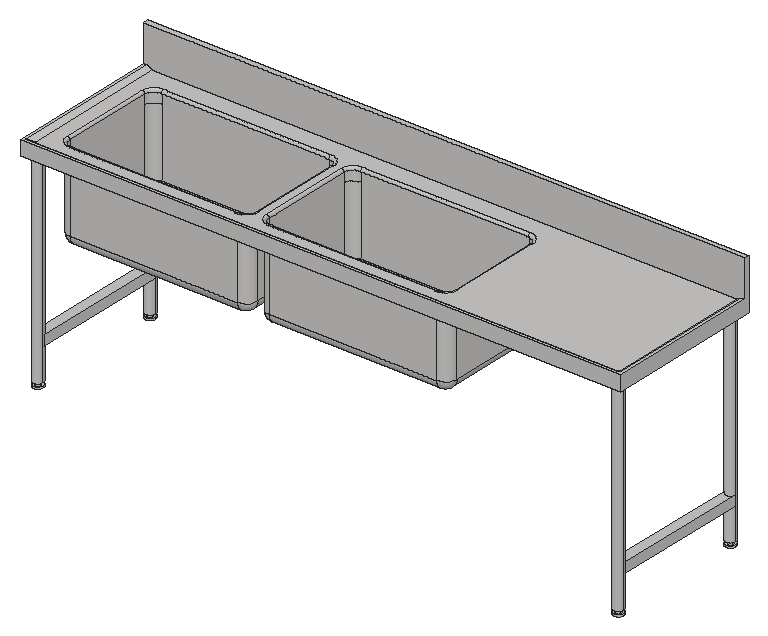
Revit family
Parameters (values of type "2440 X 650 Bowls Left End")
  Depth of Bowl = 380 mm
  Width of Bowl = 460 mm
  Length of Bowl = 760 mm
  Distance of Bowl = 100 mm
  Waste Connection Radius = Waste Connection Diameter / 2  # 20 mm
  Waste Connection Diameter = 40 mm
  WFU = 0
  URL = "http://www.autospec.co.za/browse.php?id=1644179283"
  Product Code = "None"
  OmniClass Title = ""
  OmniClass Number = ""
  Modspec Classification = ""
  Specification = ""
  Location (revit room) = ""
  Material = Stainless Steel Grade 304
  Colour = none
  Bowl Posiition [instance] = if(Bowl Position End, Distance of Bowl, if(Bowl Position Center, (Length / 2 - Length of Bowl - 25 mm), Distance of Bowl))  # 100 mm
  Description = ""
  Bowl Position End = yes
  Bowl Position Center = not(Bowl Position End)  # no
  Body Finish = none
  Splashback Height = 150 mm
  Width = 650 mm
  Model = "Pot Sink Double Bowl Left End Series KP2-2440 X 650"
  Manufacturer = "Kwikot"  # constant formula
  Length = 2440 mm
  Height = 1050 mm
  Assembly Code = "E1090300"
Types (4, lengths in mm): name | Bowl Posiition | Bowl Position End | Bowl Position Center | Model | Length
  (no name) | 100 | yes | no | "Pot Sink Double Bowl Left End Series KP2-2440 X 650" | 2440
  1850 X 650 Bowl Center | 140 | no | yes | "Pot Sink Double Bowl Series KP2-1850 X 650" | 1850
  2440 X 650 Bowl Center | 435 | no | yes | "Pot Sink Double Bowl Series KP2-2440 X 650" | 2440
  2440 X 650 Bowls Left End | 100 | yes | no | "Pot Sink Double Bowl Left End Series KP2-2440 X 650" | 2440
Reference planes
  plane 1 "Center (Front/Back)": y = 0
  plane 2 "Bottom": z = 0
  plane 3 "Center (Left/Right)": x = 0
  plane 4 "Left": x = -1220
  plane 5 "Right": x = 1220
  plane 6 "Front": y = -650
  plane 7 "Top": z = 1050
  plane 8: z = 900
  plane 9: z = 840
  plane 10: z = 520
  plane 11: y = -335
  plane 12: x = -190
  plane 13: x = -480
  plane 14: x = -310
  plane 15: x = -360
  plane 16: x = 450
  plane 17: x = -1120
  plane 18: y = -565
  plane 19: y = -105
Forms (mm)
  Extrusion 1, solid, material "Stainless Steel Grade 304" <- "Material"
    sketch origin (-1220, -491, 4000) x (0, -1, 0) y (0, 0, 1)
      loop
        line (-491, -3160) -> (159, -3160) -> (159, -3100) -> (-471, -3100) -> (-471, -2950) -> (-491, -2950) -> (-491, -3160)
    from 0 to -2440
  Blend 2, void
    base sketch origin (-779.234, -1524, 900) x (0, -1, 0) y (1, 0, 0)
      loop
        arc (-891, -428.766) -> (-887.464, -427.302) -> (-886, -423.766) r 5
        line (-886, -423.766) -> (-886, 1982.234)
        arc (-886, 1982.234) -> (-887.464, 1985.769) -> (-891, 1987.234) r 5
        line (-891, 1987.234) -> (-1504, 1987.234) -> (-1504, -428.766) -> (-891, -428.766)
    top sketch origin (-779.234, -1524, 900) x (0, -1, 0) y (1, 0, 0)
      loop
        line (-1504, -408.766) -> (-911, -408.766)
        arc (-911, -408.766) -> (-907.464, -407.302) -> (-906, -403.766) r 5
        line (-906, -403.766) -> (-906, 1962.234)
        arc (-906, 1962.234) -> (-907.464, 1965.769) -> (-911, 1967.234) r 5
        line (-911, 1967.234) -> (-1504, 1967.234) -> (-1504, -408.766)
    from 0 to -12
  Extrusion 3, void
    sketch origin (-779.234, -1524, 840) x (0, -1, 0) y (-1, 0, 0)
      loop
        line (-1419, -509.234) -> (-1419, -1189.234)
        arc (-1419, -1189.234) -> (-1407.284, -1217.518) -> (-1379, -1229.234) r 40
        line (-1379, -1229.234) -> (-999, -1229.234)
        arc (-999, -1229.234) -> (-970.716, -1217.518) -> (-959, -1189.234) r 40
        line (-959, -1189.234) -> (-959, -509.234)
        arc (-959, -509.234) -> (-970.716, -480.949) -> (-999, -469.234) r 40
        line (-999, -469.234) -> (-1379, -469.234)
        arc (-1379, -469.234) -> (-1407.284, -480.949) -> (-1419, -509.234) r 40
      loop
        arc (-1419, -379.234) -> (-1407.284, -407.518) -> (-1379, -419.234) r 40
        line (-1379, -419.234) -> (-999, -419.234)
        arc (-999, -419.234) -> (-970.716, -407.518) -> (-959, -379.234) r 40
        line (-959, -379.234) -> (-959, 300.766)
        arc (-959, 300.766) -> (-970.716, 329.051) -> (-999, 340.766) r 40
        line (-999, 340.766) -> (-1379, 340.766)
        arc (-1379, 340.766) -> (-1407.284, 329.051) -> (-1419, 300.766) r 40
        line (-1419, 300.766) -> (-1419, -379.234)
    from 0 to -60
  Sweep 4, solid, material "Stainless Steel Grade 304" <- "Material"
    path origin (-779.234, -1524, 900) x (-1, 0, 0) y (0, -1, 0)
      loop
        line (-469.234, -1379) -> (-469.234, -999)
        arc (-469.234, -999) -> (-480.949, -970.716) -> (-509.234, -959) r 40
        line (-509.234, -959) -> (-1189.234, -959)
        arc (-1189.234, -959) -> (-1217.518, -970.716) -> (-1229.234, -999) r 40
        line (-1229.234, -999) -> (-1229.234, -1379)
        arc (-1229.234, -1379) -> (-1217.518, -1407.284) -> (-1189.234, -1419) r 40
        line (-1189.234, -1419) -> (-509.234, -1419)
        arc (-509.234, -1419) -> (-480.949, -1407.284) -> (-469.234, -1379) r 40
    profile origin (-310, -335, 900) x (1, 0, 0) y (0, 0, 1)
      loop
        line (0, -12) -> (-5, -12) -> (-5, -340)
        arc (-5, -340) -> (6.716, -368.284) -> (35, -380) r 40
        line (35, -380) -> (35, -375)
        arc (35, -375) -> (10.251, -364.749) -> (0, -340) r 35
        line (0, -340) -> (0, -12)
  Sweep 5, solid, material "Stainless Steel Grade 304" <- "Material"
    path origin (-779.234, -1524, 900) x (-1, 0, 0) y (0, -1, 0)
      loop
        line (340.766, -1379) -> (340.766, -999)
        arc (340.766, -999) -> (329.051, -970.716) -> (300.766, -959) r 40
        line (300.766, -959) -> (-379.234, -959)
        arc (-379.234, -959) -> (-407.518, -970.716) -> (-419.234, -999) r 40
        line (-419.234, -999) -> (-419.234, -1379)
        arc (-419.234, -1379) -> (-407.518, -1407.284) -> (-379.234, -1419) r 40
        line (-379.234, -1419) -> (300.766, -1419)
        arc (300.766, -1419) -> (329.051, -1407.284) -> (340.766, -1379) r 40
    profile origin (-1120, -335, 900) x (1, 0, 0) y (0, 0, 1)
      loop
        line (0, -12) -> (-5, -12) -> (-5, -340)
        arc (-5, -340) -> (6.716, -368.284) -> (35, -380) r 40
        line (35, -380) -> (35, -375)
        arc (35, -375) -> (10.251, -364.749) -> (0, -340) r 35
        line (0, -340) -> (0, -12)
  Extrusion 6, solid, material "Stainless Steel Grade 304" <- "Material"
    sketch origin (-779.234, -1524, 520) x (-1, 0, 0) y (0, -1, 0)
      loop
        arc (305.766, -999) -> (304.302, -995.464) -> (300.766, -994) r 5
        line (300.766, -994) -> (-379.234, -994)
        arc (-379.234, -994) -> (-382.769, -995.464) -> (-384.234, -999) r 5
        line (-384.234, -999) -> (-384.234, -1379)
        arc (-384.234, -1379) -> (-382.769, -1382.536) -> (-379.234, -1384) r 5
        line (-379.234, -1384) -> (300.766, -1384)
        arc (300.766, -1384) -> (304.302, -1382.536) -> (305.766, -1379) r 5
        line (305.766, -1379) -> (305.766, -999)
      loop
        circle (-299.234, -1189) r 26
    from 0 to 5
  Extrusion 7, solid, material "Stainless Steel Grade 304" <- "Material"
    sketch origin (-779.234, -1524, 520) x (-1, 0, 0) y (0, -1, 0)
      loop
        arc (-504.234, -999) -> (-505.698, -995.464) -> (-509.234, -994) r 5
        line (-509.234, -994) -> (-1189.234, -994)
        arc (-1189.234, -994) -> (-1192.769, -995.464) -> (-1194.234, -999) r 5
        line (-1194.234, -999) -> (-1194.234, -1379)
        arc (-1194.234, -1379) -> (-1192.769, -1382.536) -> (-1189.234, -1384) r 5
        line (-1189.234, -1384) -> (-509.234, -1384)
        arc (-509.234, -1384) -> (-505.698, -1382.536) -> (-504.234, -1379) r 5
        line (-504.234, -1379) -> (-504.234, -999)
      loop
        circle (-589.234, -1189) r 26
    from 0 to 5
  Blend 8, solid, material "Stainless Steel Grade 304"
    base sketch origin (-779.234, -1524, 520) x (-1, 0, 0) y (0, -1, 0)
      loop
        circle (-299.234, -1189) r 26
    top sketch origin (-779.234, -1524, 520) x (-1, 0, 0) y (0, -1, 0)
      loop
        circle (-299.234, -1189) r 20
    from 0 to -5
  Blend 9, solid, material "Stainless Steel Grade 304"
    base sketch origin (-779.234, -1524, 520) x (-1, 0, 0) y (0, -1, 0)
      loop
        circle (-589.234, -1189) r 26
    top sketch origin (-779.234, -1524, 520) x (-1, 0, 0) y (0, -1, 0)
      loop
        circle (-589.234, -1189) r 20
    from 0 to -5
  Sweep 10, void
    path origin (-779.234, -1524, 900) x (-1, 0, 0) y (0, -1, 0)
      loop
        line (340.766, -1379) -> (340.766, -999)
        arc (340.766, -999) -> (329.051, -970.716) -> (300.766, -959) r 40
        line (300.766, -959) -> (-379.234, -959)
        arc (-379.234, -959) -> (-407.518, -970.716) -> (-419.234, -999) r 40
        line (-419.234, -999) -> (-419.234, -1379)
        arc (-419.234, -1379) -> (-407.518, -1407.284) -> (-379.234, -1419) r 40
        line (-379.234, -1419) -> (300.766, -1419)
        arc (300.766, -1419) -> (329.051, -1407.284) -> (340.766, -1379) r 40
    profile origin (-1120, -335, 900) x (1, 0, 0) y (0, 0, 1)
      loop
        line (0, -12) -> (-10, -12)
        arc (-10, -12) -> (-2.929, -14.929) -> (0, -22) r 10
        line (0, -22) -> (0, -12)
  Sweep 11, void
    path origin (-779.234, -1524, 900) x (-1, 0, 0) y (0, -1, 0)
      loop
        line (-469.234, -1379) -> (-469.234, -999)
        arc (-469.234, -999) -> (-480.949, -970.716) -> (-509.234, -959) r 40
        line (-509.234, -959) -> (-1189.234, -959)
        arc (-1189.234, -959) -> (-1217.518, -970.716) -> (-1229.234, -999) r 40
        line (-1229.234, -999) -> (-1229.234, -1379)
        arc (-1229.234, -1379) -> (-1217.518, -1407.284) -> (-1189.234, -1419) r 40
        line (-1189.234, -1419) -> (-509.234, -1419)
        arc (-509.234, -1419) -> (-480.949, -1407.284) -> (-469.234, -1379) r 40
    profile origin (-310, -335, 900) x (1, 0, 0) y (0, 0, 1)
      loop
        line (0, -12) -> (-10, -12)
        arc (-10, -12) -> (-2.929, -14.929) -> (0, -22) r 10
        line (0, -22) -> (0, -12)
  Extrusion 12, solid, material "Stainless Steel Grade 304" <- "Material"
    sketch origin (0, 0, 0) x (1, 0, 0) y (0, 1, 0)
      loop
        circle (-1180, -610) r 21
      loop
        circle (-1180, -40) r 21
      loop
        circle (1180, -610) r 21
      loop
        circle (1180, -40) r 21
    from 0 to 5
  Extrusion 13, solid, material "Stainless Steel Grade 304" <- "Material"
    sketch origin (0, 0, 0) x (1, 0, 0) y (0, 1, 0)
      loop
        circle (1180, -610) r 10
      loop
        circle (-1180, -610) r 10
      loop
        circle (-1180, -40) r 10
      loop
        circle (1180, -40) r 10
    from 5 to 20
  Extrusion 14, solid, material "Stainless Steel Grade 304" <- "Material"
    sketch origin (-779.234, -1524, 840) x (-1, 0, 0) y (0, -1, 0)
      loop
        circle (400.766, -914) r 21
      loop
        circle (400.766, -1484) r 21
      loop
        circle (-1959.234, -1484) r 21
      loop
        circle (-1959.234, -914) r 21
    from 0 to -820
  Extrusion 15, solid, material "Stainless Steel Grade 304" <- "Material"
    sketch origin (0, 0, 0) x (1, 0, 0) y (0, 1, 0)
      loop
        line (1201, -610) -> (1201, -40)
        arc (1201, -40) -> (1180, -61) -> (1159, -40) r 21
        line (1159, -40) -> (1159, -610)
        arc (1159, -610) -> (1180, -589) -> (1201, -610) r 21
      loop
        line (-1201, -40) -> (-1201, -610)
        arc (-1201, -610) -> (-1180, -589) -> (-1159, -610) r 21
        line (-1159, -610) -> (-1159, -40)
        arc (-1159, -40) -> (-1180, -61) -> (-1201, -40) r 21
    from 150 to 190
Cuts and joins
  Blend 2, Extrusion 3, Sweep 10, Sweep 11 cuts Extrusion 1
  Sweep 10, Sweep 11 cuts Sweep 4
  Sweep 10, Sweep 11 cuts Sweep 5
  Sweep 10, Sweep 11 cuts Extrusion 6
  Sweep 10, Sweep 11 cuts Extrusion 7
  joined: Extrusion 1, Sweep 4, Sweep 5, Extrusion 6, Extrusion 7
Lines and regions (mm)
  symbolic lines
    curve 1: line (-1220, 0, 750) -> (-1220, -650, 750)
    curve 2: line (1220, 0, 750) -> (-1220, 0, 750)
    curve 3: line (1220, -650, 750) -> (1220, 0, 750)
    curve 4: line (-1220, -650, 750) -> (1220, -650, 750)
    curve 5: line (-1220, -20, 750) -> (1220, -20, 750)
    curve 6: line (-1208, -633, 1050) -> (-1208, -20, 1050)
    curve 7: arc (-1203, -638, 1050) -> (-1206.536, -636.536, 1050) -> (-1208, -633, 1050) r 5
    curve 8: line (1203, -638, 1050) -> (-1203, -638, 1050)
    curve 9: line (-1188, -20, 1050) -> (-1188, -613, 1050)
    curve 10: arc (-1188, -613, 1050) -> (-1186.536, -616.536, 1050) -> (-1183, -618, 1050) r 5
    curve 11: line (-1183, -618, 1050) -> (1183, -618, 1050)
    curve 12: arc (1183, -618, 1050) -> (1186.536, -616.536, 1050) -> (1188, -613, 1050) r 5
    curve 13: line (1188, -613, 1050) -> (1188, -20, 1050)
    curve 14: arc (1208, -633, 1050) -> (1206.536, -636.536, 1050) -> (1203, -638, 1050) r 5
    curve 15: line (1208, -20, 1050) -> (1208, -633, 1050)
    curve 16: line (410, -565, 1050) -> (-270, -565, 1050)
    curve 17: arc (-270, -565, 1050) -> (-298.284, -553.284, 1050) -> (-310, -525, 1050) r 40
    curve 18: line (-310, -525, 1050) -> (-310, -145, 1050)
    curve 19: arc (-310, -145, 1050) -> (-298.284, -116.716, 1050) -> (-270, -105, 1050) r 40
    curve 20: line (-270, -105, 1050) -> (410, -105, 1050)
    curve 21: arc (410, -105, 1050) -> (438.284, -116.716, 1050) -> (450, -145, 1050) r 40
    curve 22: line (450, -145, 1050) -> (450, -525, 1050)
    curve 23: arc (450, -525, 1050) -> (438.284, -553.284, 1050) -> (410, -565, 1050) r 40
    curve 24: line (-1120, -145, 1050) -> (-1120, -525, 1050)
    curve 25: arc (-1120, -145, 1050) -> (-1108.284, -116.716, 1050) -> (-1080, -105, 1050) r 40
    curve 26: line (-400, -105, 1050) -> (-1080, -105, 1050)
    curve 27: arc (-400, -105, 1050) -> (-371.716, -116.716, 1050) -> (-360, -145, 1050) r 40
    curve 28: line (-360, -525, 1050) -> (-360, -145, 1050)
    curve 31: arc (-360, -525, 1050) -> (-371.716, -553.284, 1050) -> (-400, -565, 1050) r 40
    curve 32: line (-1080, -565, 1050) -> (-400, -565, 1050)
    curve 33: arc (-1080, -565, 1050) -> (-1108.284, -553.284, 1050) -> (-1120, -525, 1050) r 40
  symbolic lines, detail levels fine
    curve 29: arc (-506, -335, 1050) -> (-480, -309, 1050) -> (-454, -335, 1050) r 26
    curve 30: arc (-454, -335, 1050) -> (-480, -361, 1050) -> (-506, -335, 1050) r 26
    curve 34: arc (-164, -335, 1050) -> (-190, -361, 1050) -> (-216, -335, 1050) r 26
    curve 35: arc (-216, -335, 1050) -> (-190, -309, 1050) -> (-164, -335, 1050) r 26
Dimensions and locks
  equal spacing: plane 4 "Left", plane 3 "Center (Left/Right)", plane 5 "Right"
  "Length": plane 4 "Left" to plane 5 "Right"
  "Width": plane 1 "Center (Front/Back)" to plane 6 "Front"
  "Height": plane 7 "Top" to level
  "Splashback Height": plane 7 "Top" to plane 8
  Blend 2 sketch curve to plane 6 "Front" = 12 mm
  plane 11 to plane 1 "Center (Front/Back)" = 335 mm
  Blend 2 sketch curve to var sketch = 20 mm  (x2)
  var sketch to Blend 2 sketch curve = 20 mm
  "Depth of Bowl": plane 8 to plane 10
  "Length of Bowl": plane 14 to plane 16
  "Length of Bowl": plane 17 to plane 15
  "Width of Bowl": plane 19 to plane 18
  plane 18 to plane 6 "Front" = 85 mm
  locked: plane 14 to plane 12 at 120
  locked: plane 13 to plane 15 at 120
  plane 8 to plane 9 = 60 mm
  plane 4 "Left" to Extrusion 12 sketch curve = 40 mm  (x2)
  Extrusion 12 sketch curve to plane 6 "Front" = 40 mm  (x2)
  Extrusion 12 sketch curve to plane 1 "Center (Front/Back)" = 40 mm  (x2)
  Extrusion 12 sketch curve to plane 5 "Right" = 40 mm  (x2)
  Extrusion 13 sketch curve to plane 5 "Right" = 40 mm  (x2)
  Extrusion 13 sketch curve to plane 1 "Center (Front/Back)" = 40 mm  (x2)
  plane 4 "Left" to Extrusion 13 sketch curve = 40 mm  (x2)
  Extrusion 13 sketch curve to plane 6 "Front" = 40 mm  (x2)
  Extrusion 15 to plane 2 "Bottom" = 150 mm
  plane 15 to plane 14 = 50 mm
  "Bowl Posiition": plane 4 "Left" to plane 17
  radius of Extrusion 3 sketch curve = 40 mm  (x8)
  radius of Extrusion 7 sketch curve = 26 mm
  "Waste Connection Radius": radius of Blend 8 sketch curve
  "Waste Connection Radius": radius of Blend 9 sketch curve
  radius of Extrusion 12 sketch curve = 21 mm  (x4)
  radius of Extrusion 13 sketch curve = 10 mm  (x4)
  aligned and locked: level to plane 2 "Bottom"
  aligned and locked: Extrusion 1 sketch curve to plane 9
  aligned and locked: Extrusion 1 sketch curve to plane 1 "Center (Front/Back)"
  aligned and locked: plane 8 to Extrusion 1 sketch curve
  aligned and locked: Extrusion 1 sketch curve to plane 6 "Front"
  aligned and locked: plane 7 "Top" to Extrusion 1 sketch curve
  aligned and locked: plane 4 "Left" to Extrusion 1
  aligned and locked: Extrusion 1 to plane 5 "Right"
  aligned and locked: var sketch to Blend 2 sketch curve
  aligned and locked: plane 8 to Extrusion 3
  aligned and locked: Extrusion 3 to plane 9
  aligned and locked: Sweep 4 sketch curve to cut or joined group of Extrusion 1, Blend 2, Extrusion 3, Sweep 4, Sweep 5, Extrusion 6, Extrusion 7, Sweep 10, Sweep 11  (x6)
  aligned and locked: curve 7 to cut or joined group of Extrusion 1, Blend 2, Extrusion 3, Sweep 4, Sweep 5, Extrusion 6, Extrusion 7, Sweep 10, Sweep 11
  aligned and locked: curve 9 to cut or joined group of Extrusion 1, Blend 2, Extrusion 3, Sweep 4, Sweep 5, Extrusion 6, Extrusion 7, Sweep 10, Sweep 11
  aligned and locked: curve 10 to cut or joined group of Extrusion 1, Blend 2, Extrusion 3, Sweep 4, Sweep 5, Extrusion 6, Extrusion 7, Sweep 10, Sweep 11
  aligned and locked: curve 12 to cut or joined group of Extrusion 1, Blend 2, Extrusion 3, Sweep 4, Sweep 5, Extrusion 6, Extrusion 7, Sweep 10, Sweep 11
  aligned and locked: curve 14 to cut or joined group of Extrusion 1, Blend 2, Extrusion 3, Sweep 4, Sweep 5, Extrusion 6, Extrusion 7, Sweep 10, Sweep 11
  aligned and locked: curve 15 to cut or joined group of Extrusion 1, Blend 2, Extrusion 3, Sweep 4, Sweep 5, Extrusion 6, Extrusion 7, Sweep 10, Sweep 11
  aligned and locked: curve 17 to cut or joined group of Extrusion 1, Blend 2, Extrusion 3, Sweep 4, Sweep 5, Extrusion 6, Extrusion 7, Sweep 10, Sweep 11
  aligned and locked: curve 19 to cut or joined group of Extrusion 1, Blend 2, Extrusion 3, Sweep 4, Sweep 5, Extrusion 6, Extrusion 7, Sweep 10, Sweep 11
  aligned and locked: curve 21 to cut or joined group of Extrusion 1, Blend 2, Extrusion 3, Sweep 4, Sweep 5, Extrusion 6, Extrusion 7, Sweep 10, Sweep 11
  aligned and locked: curve 23 to cut or joined group of Extrusion 1, Blend 2, Extrusion 3, Sweep 4, Sweep 5, Extrusion 6, Extrusion 7, Sweep 10, Sweep 11
  aligned and locked: Sweep 5 sketch curve to cut or joined group of Extrusion 1, Blend 2, Extrusion 3, Sweep 4, Sweep 5, Extrusion 6, Extrusion 7, Sweep 10, Sweep 11  (x6)
  aligned and locked: Extrusion 6 sketch curve to cut or joined group of Extrusion 1, Blend 2, Extrusion 3, Sweep 4, Sweep 5, Extrusion 6, Extrusion 7, Sweep 10, Sweep 11  (x4)
  aligned and locked: plane 11 to Extrusion 6 sketch curve
  aligned and locked: plane 13 to Extrusion 6 sketch curve
  aligned and locked: Extrusion 7 sketch curve to cut or joined group of Extrusion 1, Blend 2, Extrusion 3, Sweep 4, Sweep 5, Extrusion 6, Extrusion 7, Sweep 10, Sweep 11  (x4)
  aligned and locked: plane 11 to Extrusion 7 sketch curve
  aligned and locked: plane 12 to Extrusion 7 sketch curve
  aligned and locked: curve 25 to cut or joined group of Extrusion 1, Blend 2, Extrusion 3, Sweep 4, Sweep 5, Extrusion 6, Extrusion 7, Sweep 10, Sweep 11
  aligned and locked: curve 27 to cut or joined group of Extrusion 1, Blend 2, Extrusion 3, Sweep 4, Sweep 5, Extrusion 6, Extrusion 7, Sweep 10, Sweep 11
  aligned and locked: curve 29 to cut or joined group of Extrusion 1, Blend 2, Extrusion 3, Sweep 4, Sweep 5, Extrusion 6, Extrusion 7, Sweep 10, Sweep 11
  aligned and locked: curve 30 to cut or joined group of Extrusion 1, Blend 2, Extrusion 3, Sweep 4, Sweep 5, Extrusion 6, Extrusion 7, Sweep 10, Sweep 11
  aligned and locked: curve 31 to cut or joined group of Extrusion 1, Blend 2, Extrusion 3, Sweep 4, Sweep 5, Extrusion 6, Extrusion 7, Sweep 10, Sweep 11
  aligned and locked: curve 33 to cut or joined group of Extrusion 1, Blend 2, Extrusion 3, Sweep 4, Sweep 5, Extrusion 6, Extrusion 7, Sweep 10, Sweep 11
  aligned and locked: curve 34 to cut or joined group of Extrusion 1, Blend 2, Extrusion 3, Sweep 4, Sweep 5, Extrusion 6, Extrusion 7, Sweep 10, Sweep 11
  aligned and locked: curve 35 to cut or joined group of Extrusion 1, Blend 2, Extrusion 3, Sweep 4, Sweep 5, Extrusion 6, Extrusion 7, Sweep 10, Sweep 11
  aligned and locked: Blend 8 sketch curve to cut or joined group of Extrusion 1, Blend 2, Extrusion 3, Sweep 4, Sweep 5, Extrusion 6, Extrusion 7, Sweep 10, Sweep 11  (x2)
  aligned and locked: plane 11 to Blend 8 sketch curve
  aligned and locked: plane 13 to Blend 8 sketch curve
  aligned and locked: Blend 9 sketch curve to cut or joined group of Extrusion 1, Blend 2, Extrusion 3, Sweep 4, Sweep 5, Extrusion 6, Extrusion 7, Sweep 10, Sweep 11  (x2)
  aligned and locked: plane 11 to Blend 9 sketch curve
  aligned and locked: plane 12 to Blend 9 sketch curve
  aligned and locked: plane 10 to Sweep 5 sketch curve
  aligned and locked: plane 10 to Sweep 4 sketch curve
  aligned and locked: plane 17 to Extrusion 3 sketch curve
  aligned and locked: plane 19 to Extrusion 3 sketch curve
  aligned and locked: Extrusion 3 sketch curve to plane 19
  aligned and locked: plane 18 to Extrusion 3 sketch curve
  aligned and locked: Extrusion 3 sketch curve to plane 18
  aligned and locked: plane 16 to Extrusion 3 sketch curve
  aligned and locked: plane 15 to Extrusion 3 sketch curve
  aligned and locked: plane 14 to Extrusion 3 sketch curve
  aligned and locked: Sweep 10 sketch curve to cut or joined group of Extrusion 1, Blend 2, Extrusion 3, Sweep 4, Sweep 5, Extrusion 6, Extrusion 7, Sweep 10, Sweep 11  (x4)
  aligned and locked: profile plane to Sweep 10 sketch curve
  aligned and locked: cut or joined group of Extrusion 1, Blend 2, Extrusion 3, Sweep 4, Sweep 5, Extrusion 6, Extrusion 7, Sweep 10, Sweep 11 to Sweep 10 sketch curve
  aligned and locked: Sweep 11 sketch curve to cut or joined group of Extrusion 1, Blend 2, Extrusion 3, Sweep 4, Sweep 5, Extrusion 6, Extrusion 7, Sweep 10, Sweep 11  (x4)
  aligned and locked: profile plane to Sweep 11 sketch curve
  aligned and locked: cut or joined group of Extrusion 1, Blend 2, Extrusion 3, Sweep 4, Sweep 5, Extrusion 6, Extrusion 7, Sweep 10, Sweep 11 to Sweep 11 sketch curve
  aligned and locked: Extrusion 12 to plane 2 "Bottom"
  aligned and locked: Extrusion 13 to Extrusion 12
  aligned and locked: Extrusion 14 sketch curve to Extrusion 12  (x8)
  aligned and locked: plane 9 to Extrusion 14
  aligned and locked: Extrusion 14 to Extrusion 13
  aligned and locked: Extrusion 15 sketch curve to Extrusion 14  (x4)
Automatic sketch dimensions
  plane 1 "Center (Front/Back)" to Extrusion 1 sketch curve = 20 mm
  Blend 2 sketch curve to Blend 2 sketch curve = 5 mm  (x4)
  plane 1 "Center (Front/Back)" to Blend 2 sketch curve = 20 mm
  Blend 2 sketch curve to plane 4 "Left" = 12 mm
  plane 5 "Right" to Blend 2 sketch curve = 17 mm
  plane 1 "Center (Front/Back)" to curve 3 = 0 mm
  curve 3 to plane 5 "Right" = 0 mm
  curve 4 to plane 4 "Left" = 0 mm
  curve 4 to plane 6 "Front" = 0 mm
  curve 1 to curve 5 = 20 mm
  plane 1 "Center (Front/Back)" to curve 15 = 20 mm
  plane 1 "Center (Front/Back)" to curve 9 = 20 mm
  plane 1 "Center (Front/Back)" to curve 13 = 20 mm
  curve 6 to curve 9 = 0 mm
  Sweep 5 sketch curve to Sweep 5 sketch curve = 0 mm
  profile plane to Sweep 5 sketch curve = 5 mm
  Sweep 5 sketch curve to profile plane = 35 mm
  Sweep 4 sketch curve to Sweep 4 sketch curve = 0 mm
  profile plane to Sweep 4 sketch curve = 5 mm
  Sweep 4 sketch curve to Sweep 4 sketch curve = 35 mm
  profile plane to Sweep 10 sketch curve = 10 mm
  Sweep 10 sketch curve to Sweep 10 sketch curve = 10 mm  (x2)
  Sweep 10 sketch curve to Sweep 10 sketch curve = 0 mm
  profile plane to Sweep 10 sketch curve = 0 mm
  profile plane to Sweep 11 sketch curve = 10 mm
  Sweep 11 sketch curve to Sweep 11 sketch curve = 0 mm  (x2)
  Sweep 11 sketch curve to Sweep 11 sketch curve = 10 mm
  profile plane to Sweep 11 sketch curve = 0 mm
  Extrusion 15 sketch curve to Extrusion 15 sketch curve = 0 mm
  radius of Extrusion 6 sketch curve = 26 mm
Connectors
  piping at (-480, -335, 515), driven by "Waste Connection Radius", driven by "WFU"
    settings: on Blend 8, index 1, connector radius 20 mm, flow factor 0, pipe flow 0.0 L/s, pressure drop 0.0 Pa, fitting loss kfactor 0, connector angle 0.00°, fixture units 0, flow configuration 3, flow direction 2, fitting loss method 0, system type 16, connector reference index -1, connector utility 0, adjustable connector no, is connector primary yes, fitting loss table "", connector description "Waste Connection"
  piping at (-190, -335, 515), driven by "Waste Connection Radius", driven by "WFU"
    settings: on Blend 9, index 2, connector radius 20 mm, flow factor 0, pipe flow 0.0 L/s, pressure drop 0.0 Pa, fitting loss kfactor 0, connector angle 0.00°, fixture units 0, flow configuration 3, flow direction 2, fitting loss method 0, system type 16, connector reference index -1, connector utility 0, adjustable connector no, is connector primary no, fitting loss table "", connector description "Waste Connection"
